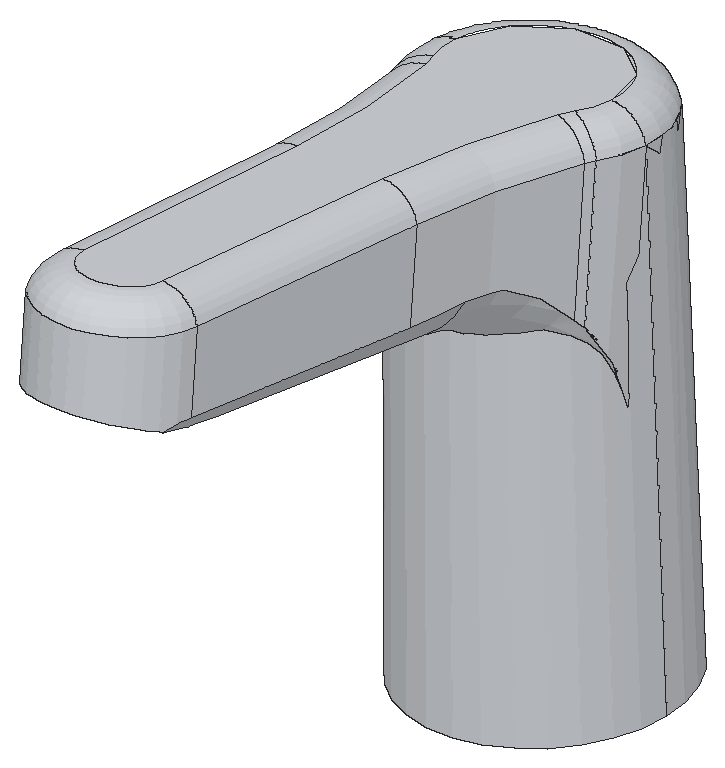
Revit family "Faucet_Touchless-Lavatory-KOHLER-Accliv-K-30276T", category Plumbing Fixtures, host Face, Revit 2021
Family settings
  Host = Face
  Round Connector Dimension = Use Diameter
  Part Type = Normal
  OmniClass Number = 23.31.11.00
  OmniClass Title = Faucets
  Cut with Voids When Loaded = No
  Shared = No
  Room Calculation Point = No
Parameters (values of type "0.5 GPM, CP-Polished Chrome")
  Width = 1.9685"  # constant formula
  WaterSense Certified = 1 = 0  # no
  Waste Water Outlet = "Waste Water Outlet"  # constant formula
  Waste Connection = 1 = 0  # no
  Voltage = 220 V  # constant formula
  Vent Connection = 1 = 0  # no
  URL = "http://www.kohler.com.cn/"
  Type = 1
  Spout Reach = 4.00787"  # constant formula
  Product Page URL = ""
  Product Name = "Accliv"  # constant formula
  Product Documentation Link = ""
  Pressure = 0.00 psi
  Model = if(Type = 1, "K-30276T-CP", if(Type = 2, "K-30276T-S3-CP", if(Type = 3, "K-30276T-S5-CP", "NA")))  # "K-30276T-CP"
  Material = "Premium Metal Construction"  # constant formula
  Master Format 2014 Name = "Residential Faucets, Supplies, and Trim"  # constant formula
  Master Format 2014 = "22 41 39"  # constant formula
  Manufacturer Address = "Kohler Beijing Office (100016) 36-2-03-B, No. 88, Liuxiang Road, Beijing"  # constant formula
  Manufacturer = "Kohler Co."  # constant formula
  Length = Spout Reach  # 4.00787"
  Hot Water Inlet = "Hot Water Inlet"  # constant formula
  Height = 4.68898"  # constant formula
  HW Connection = 1 = 0  # no
  Flow Rate = if(Type = 1, 0.5 GPM, if(Type = 2, 0.35 GPM, 0.26 GPM))  # 0.5 GPM
  Finish = Kohler-Metal-CP-Polished_Chrome
  Environmental Product Declaration = ""
  Electrical Note = "One Dedicated Circuit Required"  # constant formula
  Electrical Connector = 1 = 1  # yes
  Drain Included = 1 = 0  # no
  Description = if(Type = 1, "Sensor Faucet Cold 0.5GPM No Drain", if(Type = 2, "Sensor Faucet Cold 0.35GPM No Drain", "Sensor Faucet Cold 0.26GPM No Drain"))  # "Sensor Faucet Cold 0.5GPM No Drain"
  Default Elevation = 36"
  Declare Label = ""
  Date Modified = "06/06/2023"  # constant formula
  Date Created = "06/06/2023"  # constant formula
  Copyright = "Copyright Kohler Co."  # constant formula
  Contact Us = "http://www.kohler.com.cn/contact/contact-us/"
  Cold Water Inlet = "Cold Water Inlet"  # constant formula
  CW Connection = 1 = 1  # yes
  Assembly Code = "D2010"
  Apparent Load = 0 VA
  ADA Compliant = 1 = 0  # no
Types (4): name | Type | Model | Flow Rate | Description
  (no name) | 1 | "K-30276T-CP" | 0.5 GPM | "Sensor Faucet Cold 0.5GPM No Drain"
  0.5 GPM, CP-Polished Chrome | 1 | "K-30276T-CP" | 0.5 GPM | "Sensor Faucet Cold 0.5GPM No Drain"
  0.35 GPM, CP-Polished Chrome | 2 | "K-30276T-S3-CP" | 0.35 GPM | "Sensor Faucet Cold 0.35GPM No Drain"
  0.26 GPM, CP-Polished Chrome | 3 | "K-30276T-S5-CP" | 0.26 GPM | "Sensor Faucet Cold 0.26GPM No Drain"
Reference planes
  plane 1 "Center (Front/Back)": y = 0
  plane 2: z = 0
  plane 3 "Center (Left/Right)": x = 0
  plane 4: y = 27
  plane 5: y = -27
  plane 6: y = -122.9
  plane 7: z = 93.9
  plane 8: through (0, -125.573, 28.585) normal (0, 0.9397, -0.342)
  plane 9: y = -101.8
  plane 10: through (0, 27, 47.093) normal (0, 0.342, 0.9397)
  plane 11: x = -25
  plane 12: x = 25
  plane 13: y = -10
  plane 14: y = 10
  plane 15: z = 119.1
Dimensions and locks
  "Width": plane 11 to plane 12
  plane 4 to plane 5 = 2.12598"
  "Length": plane 1 "Center (Front/Back)" to plane 9
  plane 4 to plane 6 = 5.90157"
  host face to plane 7 = 3.69685"
  "Height": plane 15 to level
  angle plane 9 to plane 8 = 20.00°
  aligned and locked: plane 2 to host face
  aligned and locked: level to host face
  aligned and locked: plane 3 "Center (Left/Right)" to nested 1
  aligned and locked: plane 1 "Center (Front/Back)" to nested 1
Automatic sketch dimensions
  host sketch curve to host sketch curve = 96"  (x2)
Nested families
  nested 1: "K-30276T" at (0, 0, 0), type "K-30276T"
Connectors
  electrical at (0, -10, 0), driven by "Voltage", driven by "Electrical Connector", driven by "Electrical Note"
    settings: on nested 1, index 1, voltage 220 V, apparent load 0 VA, apparent load phase1 0 VA, apparent load phase2 0 VA, apparent load phase3 0 VA, power factor 1, load classification "Power", number of poles 1, system type 30, power factor state 1, is connector primary yes, connector utility yes, sub classification motor no, connector description "One Dedicated Circuit Required"
  piping at (0, 10, 0), diameter 12.7, driven by "Flow Rate", driven by "Pressure", driven by "CW Connection", driven by "Cold Water Inlet"
    settings: on nested 1, index 2, connector inside diameter 24", connector length 0", flow factor 0, pipe flow 0.5 GPM, pressure drop 0.00 psi, fitting loss kfactor 0, connector angle 0.00°, fixture units 0, engagement length 0", angle of deflection 0.00°, flow configuration 1, flow direction 1, fitting loss method 0, system type 20, joint type 0, gender type 0, connector reference index -1, connector utility 1, adjustable connector no, is connector primary yes, connector description "Cold Water Inlet"
Definition of nested family "K-30276T"
  Parameters
    Material = none
    Default Elevation = 0"
  Reference planes
    plane 1 "Center (Front/Back)": y = 0
    plane 2: z = 0
    plane 3 "Center (Left/Right)": x = 0
    plane 4: x = -25
    plane 5: x = 25
    plane 6: z = 119.1
    plane 7: y = -27
    plane 8: y = 27
    plane 9: y = -101.8
    plane 10: y = -122.9
    plane 11: z = 93.9
    plane 12: through (0, -101.8, 93.9) normal (0, -0.9397, 0.342)
    plane 13 "11": through (0, -122.694, 116.955) normal (0, -0.0959, -0.9954)
    plane 14 "22": through (0, 33.177, 101.94) normal (0, 0.9954, -0.0959)
    plane 15 "ew": through (0, -58.675, 84.682) normal (0, 0.9877, -0.1564)
    plane 16 "wr": through (0, -124.685, 102.302) normal (0, -0.342, -0.9397)
    plane 17: y = 10
    plane 18: y = -10
  Forms (mm)
    Sweep 1, solid, material <- "Material", detail levels medium+fine
      path origin (0, 10.035, 104.169) x (0, -0.995392, 0.095891) y (-1, 0, 0)
        loop
          spline (13.386, 23.263) -> (7.099, 22.525) -> (1.211, 20.32) -> (-3.963, 16.747) -> (-8.063, 11.952) -> (-10.7, 6.204) -> (-11.595, -0.006) -> (-10.697, -6.214) -> (-8.061, -11.956) -> (-3.963, -16.75) -> (1.217, -20.324) -> (7.103, -22.527) -> (13.386, -23.263)
          arc (13.386, -23.263) -> (18.652, -22.774) -> (23.728, -21.29) r 27.611
          arc (23.728, -21.29) -> (24.776, -20.915) -> (25.849, -20.621) r 14.858
          arc (25.849, -20.621) -> (44.397, -17.323) -> (63.194, -16.064) r 172.761
          line (63.194, -16.064) -> (118.85, -15.378)
          arc (118.85, -15.378) -> (134.04, 0) -> (118.85, 15.378) r 15.379
          line (118.85, 15.378) -> (63.194, 16.064)
          arc (63.194, 16.064) -> (44.397, 17.323) -> (25.849, 20.621) r 172.761
          arc (25.849, 20.621) -> (24.776, 20.915) -> (23.728, 21.29) r 14.858
          arc (23.728, 21.29) -> (18.652, 22.774) -> (13.386, 23.263) r 27.611
      profile origin (0.006, 21.576, 103.057) x (-0.000483, -0.995392, 0.09589) y (0, -0.095891, -0.995392)
        loop
          line (10.194, 0) -> (0, 0)
          arc (0, 0) -> (2.767, -4.012) -> (7.389, -5.555) r 7.692
          line (7.389, -5.555) -> (10.194, -5.555) -> (10.194, 0)
    Blend 2, solid, material <- "Material", detail levels medium+fine
      base sketch origin (0, 0, 0) x (1, 0, 0) y (0, 1, 0)
        loop
          spline (-25, 0) -> (-24.148, -6.988) -> (-21.651, -13.5) -> (-17.678, -19.092) -> (-12.5, -23.383) -> (-6.47, -26.08) -> (0, -27) -> (6.47, -26.08) -> (12.5, -23.383) -> (17.678, -19.092) -> (21.651, -13.5) -> (24.148, -6.988) -> (25, 0)
          spline (25, 0) -> (24.148, 6.988) -> (21.651, 13.5) -> (17.678, 19.092) -> (12.5, 23.383) -> (6.47, 26.08) -> (0, 27) -> (-6.47, 26.08) -> (-12.5, 23.383) -> (-17.678, 19.092) -> (-21.651, 13.5) -> (-24.148, 6.988) -> (-25, 0)
      top sketch origin (0, 0, 0) x (1, 0, 0) y (0, 1, 0)
        loop
          spline (-22.579, -4.585) -> (-21.809, -10.764) -> (-19.554, -16.521) -> (-15.966, -21.465) -> (-11.289, -25.258) -> (-5.844, -27.643) -> (0, -28.457) -> (5.844, -27.643) -> (11.289, -25.258) -> (15.966, -21.465) -> (19.554, -16.521) -> (21.809, -10.764) -> (22.579, -4.585)
          spline (22.579, -4.585) -> (21.809, 1.593) -> (19.554, 7.35) -> (15.966, 12.294) -> (11.289, 16.087) -> (5.844, 18.472) -> (0, 19.286) -> (-5.844, 18.472) -> (-11.289, 16.087) -> (-15.966, 12.294) -> (-19.554, 7.35) -> (-21.809, 1.593) -> (-22.579, -4.585)
      from 0 to 146.997
    Extrusion 3, void
      sketch origin (0, 0, 0) x (0, 1, 0) y (0, 0, 1)
        loop
          line (27, 153.334) -> (-130.058, 153.334) -> (-130.058, 117.665) -> (27, 102.535) -> (27, 153.334)
      from -32.211 to 31.193
    Extrusion 4, solid, material <- "Material", detail levels medium+fine
      sketch origin (0, 10.035, 104.169) x (0, -0.995392, 0.095891) y (-1, 0, 0)
        loop
          spline (13.416, 13.069) -> (9.491, 12.616) -> (5.892, 11.264) -> (2.868, 9.18) -> (0.53, 6.467) -> (-0.94, 3.259) -> (-1.401, -0.001) -> (-0.939, -3.266) -> (0.529, -6.468) -> (2.871, -9.186) -> (5.901, -11.267) -> (9.491, -12.617) -> (13.42, -13.069)
          arc (13.42, -13.069) -> (16.741, -12.76) -> (19.943, -11.824) r 17.417
          arc (19.943, -11.824) -> (21.71, -11.193) -> (23.52, -10.696) r 25.052
          arc (23.52, -10.696) -> (43.163, -7.203) -> (63.069, -5.87) r 182.956
          line (63.069, -5.87) -> (118.725, -5.184)
          arc (118.725, -5.184) -> (123.846, 0) -> (118.725, 5.184) r 5.185
          line (118.725, 5.184) -> (63.069, 5.87)
          arc (63.069, 5.87) -> (43.163, 7.203) -> (23.52, 10.696) r 182.956
          arc (23.52, 10.696) -> (21.71, 11.193) -> (19.943, 11.824) r 25.052
          arc (19.943, 11.824) -> (16.739, 12.761) -> (13.416, 13.069) r 17.417
      from 0 to -5.555
    Extrusion 5, solid, material <- "Material", detail levels medium+fine
      sketch origin (0, 10.035, 104.169) x (0, -0.995392, 0.095891) y (-1, 0, 0)
        loop
          arc (63.194, 16.064) -> (44.397, 17.323) -> (25.849, 20.621) r 172.761
          arc (25.849, 20.621) -> (24.776, 20.915) -> (23.728, 21.29) r 14.858
          arc (23.728, 21.29) -> (18.652, 22.774) -> (13.386, 23.263) r 27.611
          spline (13.386, 23.263) -> (7.099, 22.525) -> (1.211, 20.32) -> (-3.963, 16.747) -> (-8.063, 11.952) -> (-10.7, 6.204) -> (-11.595, -0.006) -> (-10.697, -6.214) -> (-8.061, -11.956) -> (-3.963, -16.75) -> (1.217, -20.324) -> (7.103, -22.527) -> (13.386, -23.263)
          arc (13.386, -23.263) -> (18.652, -22.774) -> (23.728, -21.29) r 27.611
          arc (23.728, -21.29) -> (24.776, -20.915) -> (25.849, -20.621) r 14.858
          arc (25.849, -20.621) -> (44.397, -17.323) -> (63.194, -16.064) r 172.761
          line (63.194, -16.064) -> (118.85, -15.378)
          arc (118.85, -15.378) -> (134.04, 0) -> (118.85, 15.378) r 15.379
          line (118.85, 15.378) -> (63.194, 16.064)
      from 0 to 47.45
    Sweep 6, void
      path origin (0, -70.323, 11.138) x (0, -0.156434, -0.987688) y (-1, 0, 0)
        loop
          arc (-91.092, 18.5) -> (-72.592, 0) -> (-91.092, -18.5) r 18.5
      profile origin (0, -58.967, 82.837) x (0, -0.156434, -0.987688) y (0, 0.987688, -0.156434)
        loop
          line (-0.206, 16.035) -> (-0.206, -80.177) -> (32.497, -74.997) -> (24.527, 55.406)
          arc (24.527, 55.406) -> (6.49, 39.283) -> (-0.206, 16.035) r 43.703
    Extrusion 7, void
      sketch origin (0, 0, 0) x (0, 1, 0) y (0, 0, 1)
        loop
          line (-78.139, 85.361) -> (-128.331, 103.629) -> (-128.331, 89.473) -> (-79.197, 79.922) -> (-78.139, 85.361)
      from -26.186 to 22.722
    Extrusion 8, solid
      sketch origin (0, 18.294, 50.262) x (0, -0.939693, 0.34202) y (-1, 0, 0)
        loop
          arc (136.291, 9.746) -> (133.8, 8.264) -> (134.112, 5.383) r 2.681
          arc (134.112, 5.383) -> (136.013, 0) -> (134.112, -5.383) r 8.575
          arc (134.112, -5.383) -> (133.8, -8.264) -> (136.291, -9.746) r 2.681
          arc (136.291, -9.746) -> (139.999, -8.89) -> (143.113, -6.701) r 9.927
          arc (143.113, -6.701) -> (145.81, 0) -> (143.113, 6.701) r 9.675
          arc (143.113, 6.701) -> (139.999, 8.89) -> (136.291, 9.746) r 9.927
      from -2.091 to 0
    Extrusion 9, void
      sketch origin (0, 18.294, 50.262) x (0, -0.939693, 0.34202) y (-1, 0, 0)
        loop
          arc (143.329, 6.909) -> (140.121, 9.164) -> (136.301, 10.046) r 10.227
          arc (136.301, 10.046) -> (133.532, 8.398) -> (133.879, 5.195) r 2.981
          arc (133.879, 5.195) -> (135.713, 0) -> (133.879, -5.195) r 8.275
          arc (133.879, -5.195) -> (133.532, -8.398) -> (136.301, -10.046) r 2.981
          arc (136.301, -10.046) -> (140.121, -9.164) -> (143.329, -6.909) r 10.227
          arc (143.329, -6.909) -> (146.11, 0) -> (143.329, 6.909) r 9.975
      from -2.091 to 1.488
    Extrusion 10, solid
      sketch origin (0, 189.692, -12.122) x (0, -0.939693, 0.34202) y (-1, 0, 0)
        loop
          arc (300.643, -4.407) -> (308.588, -9.77) -> (317.917, -11.976) r 26.667
          arc (317.917, -11.976) -> (330.528, 0) -> (317.917, 11.976) r 11.992
          arc (317.917, 11.976) -> (308.588, 9.77) -> (300.643, 4.407) r 26.667
          arc (300.643, 4.407) -> (298.789, 0) -> (300.643, -4.407) r 6.165
      from -2.933 to 0
    Extrusion 11, void
      sketch origin (0, 189.692, -12.122) x (0, -0.939693, 0.34202) y (-1, 0, 0)
        loop
          arc (300.433, 4.621) -> (298.489, 0) -> (300.433, -4.621) r 6.465
          arc (300.433, -4.621) -> (308.468, -10.044) -> (317.902, -12.276) r 26.967
          arc (317.902, -12.276) -> (330.828, 0) -> (317.902, 12.276) r 12.292
          arc (317.902, 12.276) -> (308.468, 10.044) -> (300.433, 4.621) r 26.967
      from -2.933 to 1.556
    Revolve 12, void
      sketch origin (0, 0, 0) x (0, 1, 0) y (0, 0, 1)
        loop
          line (-94.478, 92.844) -> (-95.33, 94.74) -> (-100.773, 96.721) -> (-101.838, 93.795) -> (-94.459, 91.109) -> (-94.838, 91.853) -> (-94.478, 92.844)
        axis (-100.773, 96.721) -> (-101.838, 93.795)
      angle from 0 to 360
    Revolve 13, solid, detail levels medium+fine
      sketch origin (0, 0, 0) x (0, 1, 0) y (0, 0, 1)
        loop
          line (-94.745, 92.941) -> (-95.339, 94.743) -> (-96.342, 91.986) -> (-95.238, 91.585) -> (-94.745, 92.941)
        axis (-100.773, 96.721) -> (-101.777, 93.964)
      angle from 0 to 360
    Revolve 14, solid
      sketch origin (0, 0, 0) x (0, 1, 0) y (0, 0, 1)
        loop
          line (-95.731, 94.886) -> (-100.773, 96.721) -> (-101.213, 95.512) -> (-96.912, 93.946) -> (-97.181, 93.207) -> (-96.441, 92.937) -> (-95.731, 94.886)
        axis (-100.773, 96.721) -> (-101.483, 94.772)
      angle from 0 to 360
    Extrusion 15, void
      sketch origin (0, 18.294, 50.262) x (0, -0.939693, 0.34202) y (-1, 0, 0)
        loop
          line (134.648, -1.093) -> (130.112, -1.093) -> (133.278, -4.259)
          arc (133.278, -4.259) -> (134.162, -2.762) -> (134.648, -1.093) r 6.958
        loop
          line (131.863, -5.631) -> (128.656, -2.424) -> (128.656, -6.902)
          arc (128.656, -6.902) -> (130.339, -6.469) -> (131.863, -5.631) r 6.958
        loop
          arc (120.905, -1.093) -> (121.39, -2.762) -> (122.274, -4.259) r 6.958
          line (122.274, -4.259) -> (125.44, -1.093) -> (120.905, -1.093)
        loop
          arc (123.69, -5.631) -> (125.214, -6.469) -> (126.897, -6.902) r 6.958
          line (126.897, -6.902) -> (126.897, -2.424) -> (123.69, -5.631)
        loop
          arc (134.648, 1.093) -> (134.162, 2.762) -> (133.278, 4.259) r 6.958
          line (133.278, 4.259) -> (130.112, 1.093) -> (134.648, 1.093)
        loop
          arc (131.863, 5.631) -> (130.339, 6.469) -> (128.656, 6.902) r 6.958
          line (128.656, 6.902) -> (128.656, 2.424) -> (131.863, 5.631)
        loop
          line (120.905, 1.093) -> (125.44, 1.093) -> (122.274, 4.259)
          arc (122.274, 4.259) -> (121.39, 2.762) -> (120.905, 1.093) r 6.958
        loop
          line (123.69, 5.631) -> (126.897, 2.424) -> (126.897, 6.902)
          arc (126.897, 6.902) -> (125.214, 6.469) -> (123.69, 5.631) r 6.958
      from 0.509 to -2.933
    Blend 16, solid, material <- "Material", detail levels coarse
      base sketch origin (0, 0, 0) x (1, 0, 0) y (0, 1, 0)
        loop
          spline (0, -27) -> (6.47, -26.08) -> (12.5, -23.383) -> (17.678, -19.092) -> (21.651, -13.5) -> (24.148, -6.988) -> (25, 0) -> (24.148, 6.988) -> (21.651, 13.5) -> (17.678, 19.092) -> (12.5, 23.383) -> (6.47, 26.08) -> (0, 27)
          spline (0, 27) -> (-6.47, 26.08) -> (-12.5, 23.383) -> (-17.678, 19.092) -> (-21.651, 13.5) -> (-24.148, 6.988) -> (-25, 0) -> (-24.148, -6.988) -> (-21.651, -13.5) -> (-17.678, -19.092) -> (-12.5, -23.383) -> (-6.47, -26.08) -> (0, -27)
      top sketch origin (0, 0, 0) x (1, 0, 0) y (0, 1, 0)
        loop
          spline (0, -28.374) -> (5.803, -27.522) -> (11.21, -25.025) -> (15.854, -21.052) -> (19.417, -15.874) -> (21.657, -9.845) -> (22.421, -3.374) -> (21.657, 3.096) -> (19.417, 9.126) -> (15.854, 14.303) -> (11.21, 18.276) -> (5.803, 20.774) -> (0, 21.626)
          spline (0, 21.626) -> (-5.803, 20.774) -> (-11.21, 18.276) -> (-15.854, 14.303) -> (-19.417, 9.126) -> (-21.657, 3.096) -> (-22.421, -3.374) -> (-21.657, -9.845) -> (-19.417, -15.874) -> (-15.854, -21.052) -> (-11.21, -25.025) -> (-5.803, -27.522) -> (0, -28.374)
      from 0 to 114.276
    Extrusion 17, solid, material <- "Material", detail levels coarse
      sketch origin (0, 10.035, 104.169) x (0, -0.995392, 0.095891) y (-1, 0, 0)
        loop
          arc (118.847, -16.106) -> (134.952, 0) -> (118.847, 16.106) r 16.106
          line (118.847, 16.106) -> (59.31, 16.106)
          arc (59.31, 16.106) -> (37.077, 17.221) -> (15.066, 20.557) r 222.116
          line (15.066, 20.557) -> (15.066, -20.557)
          arc (15.066, -20.557) -> (37.077, -17.221) -> (59.31, -16.106) r 222.116
          line (59.31, -16.106) -> (118.847, -16.106)
      from -7.843 to 26.621
    Extrusion 18, solid, detail levels coarse
      sketch origin (0, 18.294, 50.262) x (0, -0.939693, 0.34202) y (-1, 0, 0)
        loop
          circle (127.776, 0) r 6.958
        loop
          circle (127.776, 0) r 5.783
      from 0 to -2.933
    Extrusion 19, void
      sketch origin (0, 0, 0) x (0, 1, 0) y (0, 0, 1)
        loop
          line (-130.058, 122.781) -> (27, 107.651) -> (27, 153.334) -> (-130.058, 153.334) -> (-130.058, 122.781)
      from -31.6 to 51.691
    Extrusion 20, solid, material <- "Material", detail levels medium+fine
      sketch origin (0, 0, 0) x (1, 0, 0) y (0, 1, 0)
        loop
          circle (0, 10) r 2
        loop
          circle (0, -10) r 2
      from 0 to 3
  Cuts and joins
    Extrusion 3 cuts Blend 2
    Sweep 6, Extrusion 7, Extrusion 11 cuts Extrusion 5
    joined: Sweep 1, Extrusion 4, Extrusion 5
    Extrusion 9, Revolve 12 cuts Extrusion 10
    Extrusion 15 cuts Revolve 13
    Extrusion 7, Extrusion 11, Extrusion 19 cuts Blend 16
    Extrusion 7, Extrusion 11, Extrusion 19 cuts Extrusion 17
    joined: Blend 16, Extrusion 17
  Lines and regions (mm)
    Masking region 1
      outline origin (0, 0, 0) x (0, 1, 0) y (0, 0, 1)
        loop
          line (27, 0) -> (21.582, 103.38)
          arc (21.582, 103.38) -> (20.583, 105.821) -> (18.281, 107.11) r 4
          arc (18.281, 107.11) -> (10.547, 108.297) -> (2.768, 109.145) r 178.691
          line (2.768, 109.145) -> (-111.8, 119.1) -> (-119.912, 119.1)
          arc (-119.912, 119.1) -> (-121.55, 118.489) -> (-122.388, 116.955) r 2.503
          arc (-122.388, 116.955) -> (-122.898, 109.385) -> (-122.25, 101.825) r 49.755
          arc (-122.25, 101.825) -> (-122.087, 101.467) -> (-121.765, 101.24) r 0.752
          line (-121.765, 101.24) -> (-90.622, 89.904) -> (-49, 83.192)
          arc (-49, 83.192) -> (-34.084, 74.879) -> (-27.984, 58.928) r 25
          line (-27.984, 58.928) -> (-27, 0) -> (27, 0)
    Masking region 2
      outline origin (0, 0, 0) x (1, 0, 0) y (0, 0, 1)
        loop
          line (-25, 0) -> (25, 0) -> (22.663, 100.917)
          arc (22.663, 100.917) -> (21.965, 103.721) -> (20.133, 105.956) r 6.588
          line (20.133, 105.956) -> (16.116, 109.094)
          arc (16.116, 109.094) -> (15.915, 109.821) -> (15.774, 110.562) r 9.12
          line (15.774, 110.562) -> (15.252, 114.105)
          arc (15.252, 114.105) -> (14.598, 115.798) -> (13.277, 117.044) r 4.109
          arc (13.277, 117.044) -> (11.536, 117.863) -> (9.671, 118.341) r 10.226
          arc (9.671, 118.341) -> (0, 119.1) -> (-9.671, 118.341) r 61.979
          arc (-9.671, 118.341) -> (-11.536, 117.863) -> (-13.277, 117.044) r 10.226
          arc (-13.277, 117.044) -> (-14.598, 115.798) -> (-15.252, 114.105) r 4.109
          line (-15.252, 114.105) -> (-15.774, 110.562)
          arc (-15.774, 110.562) -> (-15.915, 109.821) -> (-16.116, 109.094) r 9.12
          line (-16.116, 109.094) -> (-20.133, 105.956)
          arc (-20.133, 105.956) -> (-21.965, 103.721) -> (-22.663, 100.917) r 6.588
          line (-22.663, 100.917) -> (-25, 0)
    Masking region 3
      outline origin (0, 0, 0) x (1, 0, 0) y (0, 1, 0)
        loop
          line (-16.084, -53.136) -> (-15.282, -107.84)
          arc (-15.282, -107.84) -> (0, -122.9) -> (15.282, -107.84) r 15.284
          line (15.282, -107.84) -> (16.084, -53.136)
          arc (16.084, -53.136) -> (16.732, -40.029) -> (18.291, -26.999) r 188.627
          arc (18.291, -26.999) -> (19.435, -20.832) -> (20.944, -14.743) r 105.632
          spline (20.944, -14.743) -> (24.4, -5.881) -> (24.761, 3.728) -> (21.98, 12.863) -> (16.412, 20.367) -> (8.762, 25.287) -> (0, 27) -> (-8.762, 25.287) -> (-16.412, 20.367) -> (-21.98, 12.863) -> (-24.761, 3.728) -> (-24.4, -5.881) -> (-20.944, -14.743)
          arc (-20.944, -14.743) -> (-19.435, -20.832) -> (-18.291, -26.999) r 105.632
          arc (-18.291, -26.999) -> (-16.732, -40.029) -> (-16.084, -53.136) r 188.627
    symbolic lines, detail levels medium+fine
      curve 1: line (0, -29.093, 109.488) -> (0, -106.217, 116.918)
      curve 2: arc (0, -106.217, 116.918) -> (0, -113.098, 117.797) -> (0, -119.912, 119.1) r 111.951
      curve 3: arc (0, -12.419, 106.913) -> (0, -20.719, 108.439) -> (0, -29.093, 109.488) r 147.507
      curve 4: arc (0, 2.291, 105.315) -> (0, -5.105, 105.737) -> (0, -12.419, 106.913) r 72.438
      curve 5: arc (0, 18.281, 107.11) -> (0, 10.339, 105.742) -> (0, 2.291, 105.315) r 68.55
      curve 6: arc (0, -17.737, 105.916) -> (0, -23.495, 106.822) -> (0, -29.285, 107.497) r 145.507
      curve 7: line (0, -29.285, 107.497) -> (0, -106.691, 115.414)
      curve 8: arc (0, -106.691, 115.414) -> (0, -114.419, 116.419) -> (0, -122.081, 117.846) r 142.19
      curve 9: arc (0, -4.964, 102.783) -> (0, -11.3, 104.555) -> (0, -17.737, 105.916) r 102.228
      curve 10: arc (0, 21.582, 103.38) -> (0, 8.358, 100.889) -> (0, -4.964, 102.783) r 41.287
      curve 11: line (0, -7.862, 103.648) -> (0, -9.498, 86.67)
      curve 12: arc (0, -7.029, 105.972) -> (0, -7.59, 104.862) -> (0, -7.862, 103.648) r 5.024
      curve 13: arc (0, -9.498, 86.67) -> (0, -15.26, 70.479) -> (0, -27.984, 58.928) r 35.3
      curve 14: arc (-13.854, 0, 116.632) -> (0, 0, 118.489) -> (13.854, 0, 116.632) r 52.611
      curve 15: arc (-15.413, 0, 113.015) -> (-15.216, 0, 104.973) -> (-14.129, 0, 97.002) r 72.54
      curve 16: arc (-14.129, 0, 97.002) -> (-13.787, 0, 95.922) -> (-13.206, 0, 94.95) r 4.897
      curve 17: arc (-13.206, 0, 94.95) -> (-11.238, 0, 93.007) -> (-8.818, 0, 91.67) r 10.112
      curve 18: arc (-8.613, 0, 100.757) -> (0, 0, 101.76) -> (8.613, 0, 100.757) r 37.5
      curve 19: arc (-12.112, 0, 99.398) -> (-10.41, 0, 100.199) -> (-8.613, 0, 100.757) r 13.575
      curve 20: arc (-13.596, 0, 97.899) -> (-12.96, 0, 98.754) -> (-12.112, 0, 99.398) r 3.796
      curve 21: arc (-13.787, 0, 95.922) -> (-13.893, 0, 96.93) -> (-13.596, 0, 97.899) r 2.537
      curve 22: arc (-12.058, 0, 95.125) -> (-10.413, 0, 93.644) -> (-8.459, 0, 92.604) r 9.112
      curve 23: arc (-11.834, 0, 98.35) -> (-12.614, 0, 96.784) -> (-12.058, 0, 95.125) r 2.286
      curve 24: arc (-8.434, 0, 100) -> (-10.244, 0, 99.401) -> (-11.834, 0, 98.35) r 7.229
      curve 25: arc (-5.519, 0, 99.736) -> (0, 0, 100.304) -> (5.519, 0, 99.736) r 27.083
      curve 26: arc (-8.534, 0, 98.674) -> (-7.062, 0, 99.306) -> (-5.519, 0, 99.736) r 12.015
      curve 27: arc (-9.921, 0, 97.466) -> (-9.302, 0, 98.155) -> (-8.534, 0, 98.674) r 3.801
      curve 28: arc (-4.963, 0, 96.226) -> (0, 0, 96.82) -> (4.963, 0, 96.226) r 21.002
      curve 29: arc (-6.385, 0, 95.971) -> (-5.67, 0, 96.076) -> (-4.963, 0, 96.226) r 11.818
      curve 30: arc (-8.294, 0, 96.047) -> (-7.343, 0, 95.934) -> (-6.385, 0, 95.971) r 6.139
      curve 31: arc (-9.546, 0, 96.398) -> (-8.927, 0, 96.198) -> (-8.294, 0, 96.047) r 8.496
      curve 32: arc (-9.921, 0, 97.466) -> (-9.986, 0, 96.843) -> (-9.546, 0, 96.398) r 0.732
      curve 33: arc (5.478, 0, 99.54) -> (0, 0, 100.104) -> (-5.478, 0, 99.54) r 26.883
      curve 34: arc (-5.478, 0, 99.54) -> (-6.995, 0, 99.117) -> (-8.443, 0, 98.496) r 11.815
      curve 35: arc (-8.443, 0, 98.496) -> (-9.139, 0, 98.004) -> (-9.668, 0, 97.336) r 2.987
      curve 36: arc (-9.668, 0, 97.336) -> (-9.766, 0, 96.846) -> (-9.546, 0, 96.398) r 0.776
      curve 37: line (-9.773, 0, 96.946) -> (-9.773, 0, 97.664)
      curve 38: spline (7.328, 0, 93.87) -> (7.079, 0, 94.521) -> (6.347, 0, 95.127) -> (5.182, 0, 95.647) -> (3.664, 0, 96.047) -> (1.897, 0, 96.298) -> (0, 0, 96.384) -> (-1.897, 0, 96.298) -> (-3.664, 0, 96.047) -> (-5.182, 0, 95.647) -> (-6.347, 0, 95.127) -> (-7.079, 0, 94.521) -> (-7.328, 0, 93.87) -> (-7.079, 0, 93.219) -> (-6.347, 0, 92.613) -> (-5.182, 0, 92.092) -> (-3.664, 0, 91.693) -> (-1.897, 0, 91.442) -> (0, 0, 91.356) -> (1.897, 0, 91.442) -> (3.664, 0, 91.693) -> (5.182, 0, 92.092) -> (6.347, 0, 92.613) -> (7.079, 0, 93.219) -> (7.328, 0, 93.87)
      curve 39: spline (-6.934, 0, 94.684) -> (-7.002, 0, 94.505) -> (-7.034, 0, 94.325) -> (-7.03, 0, 94.144) -> (-6.99, 0, 93.965) -> (-6.913, 0, 93.786) -> (-6.802, 0, 93.61) -> (-6.655, 0, 93.438) -> (-6.473, 0, 93.269) -> (-6.259, 0, 93.106) -> (-6.012, 0, 92.948) -> (-5.734, 0, 92.798) -> (-5.426, 0, 92.654)
      curve 40: line (-6.714, 0, 94.877) -> (-6.714, 0, 93.598)
      curve 41: line (-6.714, 0, 93.598) -> (-5.523, 0, 93.598)
      curve 42: line (-5.523, 0, 93.598) -> (-5.523, 0, 95.522)
      curve 43: line (-6.714, 0, 94.375) -> (-5.523, 0, 94.375)
      curve 44: line (-4.608, 0, 93.9) -> (-4.608, 0, 92.928)
      curve 45: line (-3.188, 0, 92.417) -> (-3.188, 0, 93.325)
      curve 46: line (-4.608, 0, 92.928) -> (-3.188, 0, 92.417)
      curve 47: line (-3.959, 0, 92.043) -> (-3.188, 0, 92.417)
      curve 48: line (-3.959, 0, 92.043) -> (-5.426, 0, 92.548)
      curve 49: line (-5.426, 0, 92.548) -> (-4.608, 0, 92.928)
      curve 50: line (-5.426, 0, 92.548) -> (-5.426, 0, 93.478)
      curve 51: line (-5.426, 0, 93.478) -> (-4.608, 0, 93.9)
      curve 52: line (-4.608, 0, 93.9) -> (-5.523, 0, 94.547)
      curve 53: spline (-3.774, 0, 92.133) -> (-3.57, 0, 92.089) -> (-3.363, 0, 92.047) -> (-3.151, 0, 92.007) -> (-2.937, 0, 91.97) -> (-2.718, 0, 91.936) -> (-2.497, 0, 91.905) -> (-2.273, 0, 91.876) -> (-2.046, 0, 91.85) -> (-1.816, 0, 91.826) -> (-1.585, 0, 91.806) -> (-1.352, 0, 91.788) -> (-1.117, 0, 91.773)
      curve 54: line (-1.117, 0, 92.997) -> (-1.117, 0, 91.616)
      curve 55: line (-1.117, 0, 91.616) -> (1.117, 0, 91.616)
      curve 56: line (-3.188, 0, 92.761) -> (-1.117, 0, 92.543)
      curve 57: line (-3.188, 0, 93.325) -> (-1.117, 0, 92.997)
      curve 58: line (-1.117, 0, 92.045) -> (1.117, 0, 92.045)
      curve 59: line (-5.443, 0, 95.253) -> (-5.443, 0, 95.553)
      curve 60: line (-5.443, 0, 95.253) -> (-3.873, 0, 95.825)
      curve 61: line (-3.873, 0, 95.825) -> (-3.873, 0, 96.004)
      curve 62: line (-3.136, 0, 95.495) -> (-3.136, 0, 96.142)
      curve 63: line (-3.136, 0, 95.495) -> (-3.873, 0, 95.825)
      curve 64: line (-3.136, 0, 95.495) -> (-4.603, 0, 94.962)
      curve 65: line (-4.603, 0, 94.962) -> (-5.443, 0, 95.253)
      curve 66: line (-1.092, 0, 95.785) -> (-1.092, 0, 96.356)
      curve 67: line (-1.092, 0, 95.785) -> (1.092, 0, 95.785)
      curve 68: spline (5.063, 0, 95.121) -> (5.054, 0, 94.61) -> (4.638, 0, 94.119) -> (3.85, 0, 93.69) -> (2.752, 0, 93.356) -> (1.434, 0, 93.144) -> (0, 0, 93.072) -> (-1.434, 0, 93.144) -> (-2.752, 0, 93.356) -> (-3.85, 0, 93.69) -> (-4.638, 0, 94.119) -> (-5.054, 0, 94.61) -> (-5.063, 0, 95.121)
      curve 69: spline (-3.136, 0, 95.875) -> (-2.992, 0, 95.919) -> (-2.841, 0, 95.961) -> (-2.685, 0, 96.001) -> (-2.524, 0, 96.038) -> (-2.359, 0, 96.074) -> (-2.189, 0, 96.106) -> (-2.014, 0, 96.137) -> (-1.836, 0, 96.164) -> (-1.654, 0, 96.19) -> (-1.47, 0, 96.212) -> (-1.282, 0, 96.232) -> (-1.092, 0, 96.249)
      curve 70: arc (15.413, 0, 113.015) -> (15.216, 0, 104.973) -> (14.129, 0, 97.002) r 72.54
      curve 71: arc (14.129, 0, 97.002) -> (13.787, 0, 95.922) -> (13.206, 0, 94.95) r 4.897
      curve 72: arc (13.206, 0, 94.95) -> (11.238, 0, 93.007) -> (8.818, 0, 91.67) r 10.112
      curve 73: arc (12.112, 0, 99.398) -> (10.41, 0, 100.199) -> (8.613, 0, 100.757) r 13.575
      curve 74: arc (13.596, 0, 97.899) -> (12.96, 0, 98.754) -> (12.112, 0, 99.398) r 3.796
      curve 75: arc (13.787, 0, 95.922) -> (13.893, 0, 96.93) -> (13.596, 0, 97.899) r 2.537
      curve 76: arc (12.058, 0, 95.125) -> (10.413, 0, 93.644) -> (8.459, 0, 92.604) r 9.112
      curve 77: arc (11.834, 0, 98.35) -> (12.614, 0, 96.784) -> (12.058, 0, 95.125) r 2.286
      curve 78: arc (8.434, 0, 100) -> (10.244, 0, 99.401) -> (11.834, 0, 98.35) r 7.229
      curve 79: arc (8.534, 0, 98.674) -> (7.062, 0, 99.306) -> (5.519, 0, 99.736) r 12.015
      curve 80: arc (9.921, 0, 97.466) -> (9.302, 0, 98.155) -> (8.534, 0, 98.674) r 3.801
      curve 81: arc (6.385, 0, 95.971) -> (5.67, 0, 96.076) -> (4.963, 0, 96.226) r 11.818
      curve 82: arc (8.294, 0, 96.047) -> (7.343, 0, 95.934) -> (6.385, 0, 95.971) r 6.139
      curve 83: arc (9.546, 0, 96.398) -> (8.927, 0, 96.198) -> (8.294, 0, 96.047) r 8.496
      curve 84: arc (9.921, 0, 97.466) -> (9.986, 0, 96.843) -> (9.546, 0, 96.398) r 0.732
      curve 85: arc (5.478, 0, 99.54) -> (6.995, 0, 99.117) -> (8.443, 0, 98.496) r 11.815
      curve 86: arc (8.443, 0, 98.496) -> (9.139, 0, 98.004) -> (9.668, 0, 97.336) r 2.987
      curve 87: arc (9.668, 0, 97.336) -> (9.766, 0, 96.846) -> (9.546, 0, 96.398) r 0.776
      curve 88: spline (6.934, 0, 94.684) -> (7.002, 0, 94.505) -> (7.034, 0, 94.325) -> (7.03, 0, 94.144) -> (6.99, 0, 93.965) -> (6.913, 0, 93.786) -> (6.802, 0, 93.61) -> (6.655, 0, 93.438) -> (6.473, 0, 93.269) -> (6.259, 0, 93.106) -> (6.012, 0, 92.948) -> (5.734, 0, 92.798) -> (5.426, 0, 92.654)
      curve 89: line (6.714, 0, 94.877) -> (6.714, 0, 93.598)
      curve 90: line (6.714, 0, 93.598) -> (5.523, 0, 93.598)
      curve 91: line (5.523, 0, 93.598) -> (5.523, 0, 95.522)
      curve 92: line (6.714, 0, 94.375) -> (5.523, 0, 94.375)
      curve 93: line (4.608, 0, 93.9) -> (4.608, 0, 92.928)
      curve 94: line (3.188, 0, 92.417) -> (3.188, 0, 93.325)
      curve 95: line (4.608, 0, 92.928) -> (3.188, 0, 92.417)
      curve 96: line (3.959, 0, 92.043) -> (3.188, 0, 92.417)
      curve 97: line (3.959, 0, 92.043) -> (5.426, 0, 92.548)
      curve 98: line (5.426, 0, 92.548) -> (4.608, 0, 92.928)
      curve 99: line (5.426, 0, 92.548) -> (5.426, 0, 93.478)
      curve 100: line (5.426, 0, 93.478) -> (4.608, 0, 93.9)
      curve 101: line (4.608, 0, 93.9) -> (5.523, 0, 94.547)
      curve 102: line (1.117, 0, 92.997) -> (1.117, 0, 91.616)
      curve 103: line (3.188, 0, 92.761) -> (1.117, 0, 92.543)
      curve 104: line (3.188, 0, 93.325) -> (1.117, 0, 92.997)
      curve 105: line (5.443, 0, 95.253) -> (5.443, 0, 95.553)
      curve 106: line (5.443, 0, 95.253) -> (3.873, 0, 95.825)
      curve 107: line (3.873, 0, 95.825) -> (3.873, 0, 96.004)
      curve 108: line (3.136, 0, 95.495) -> (3.136, 0, 95.875)
      curve 109: line (3.136, 0, 95.495) -> (3.873, 0, 95.825)
      curve 110: line (3.136, 0, 95.495) -> (4.603, 0, 94.962)
      curve 111: line (4.603, 0, 94.962) -> (5.443, 0, 95.253)
      curve 112: line (1.092, 0, 95.785) -> (1.092, 0, 96.356)
      curve 113: arc (-8.434, 0, 100) -> (0, 0, 101.158) -> (8.434, 0, 100) r 31.288
      curve 114: arc (-8.459, 0, 92.604) -> (0, 0, 90.506) -> (8.459, 0, 92.604) r 18.105
      curve 115: arc (-8.818, 0, 91.67) -> (0, 0, 89.839) -> (8.818, 0, 91.67) r 22.15
      curve 116: spline (4.474, 0, 95.008) -> (4.472, 0, 94.584) -> (4.108, 0, 94.176) -> (3.412, 0, 93.819) -> (2.44, 0, 93.541) -> (1.272, 0, 93.365) -> (0, 0, 93.304) -> (-1.272, 0, 93.365) -> (-2.44, 0, 93.541) -> (-3.412, 0, 93.819) -> (-4.108, 0, 94.176) -> (-4.472, 0, 94.584) -> (-4.474, 0, 95.008)
      curve 117: spline (3.136, 0, 95.875) -> (2.992, 0, 95.919) -> (2.841, 0, 95.961) -> (2.685, 0, 96.001) -> (2.524, 0, 96.038) -> (2.359, 0, 96.074) -> (2.189, 0, 96.106) -> (2.014, 0, 96.137) -> (1.836, 0, 96.164) -> (1.654, 0, 96.19) -> (1.47, 0, 96.212) -> (1.282, 0, 96.232) -> (1.092, 0, 96.249)
      curve 118: spline (1.117, 0, 91.773) -> (1.352, 0, 91.788) -> (1.585, 0, 91.806) -> (1.816, 0, 91.826) -> (2.046, 0, 91.85) -> (2.273, 0, 91.876) -> (2.497, 0, 91.905) -> (2.718, 0, 91.936) -> (2.937, 0, 91.97) -> (3.151, 0, 92.007) -> (3.363, 0, 92.047) -> (3.57, 0, 92.089) -> (3.774, 0, 92.133)
      curve 119: spline (4.477, 0, 95.007) -> (4.205, 0, 94.662) -> (3.694, 0, 94.348) -> (2.972, 0, 94.083) -> (2.081, 0, 93.882) -> (1.071, 0, 93.757) -> (0, 0, 93.714) -> (-1.071, 0, 93.757) -> (-2.081, 0, 93.882) -> (-2.972, 0, 94.083) -> (-3.694, 0, 94.348) -> (-4.205, 0, 94.662) -> (-4.477, 0, 95.007)
      curve 120: line (-4.263, 0, 95.085) -> (-3.404, 0, 94.226)
      curve 121: line (-3.87, 0, 95.229) -> (-2.636, 0, 93.995)
      curve 122: line (-3.476, 0, 95.372) -> (-1.967, 0, 93.863)
      curve 123: line (-2.958, 0, 95.929) -> (-0.765, 0, 93.736)
      curve 124: line (-3.136, 0, 95.57) -> (-1.349, 0, 93.782)
      curve 125: line (-0.665, 0, 95.785) -> (1.339, 0, 93.781)
      curve 126: line (-1.612, 0, 96.195) -> (0.842, 0, 93.741)
      curve 127: line (-2.08, 0, 96.126) -> (0.327, 0, 93.718)
      curve 128: line (-2.529, 0, 96.037) -> (-0.208, 0, 93.716)
      curve 129: line (2.248, 0, 96.095) -> (3.893, 0, 94.45)
      curve 130: line (1.092, 0, 96.177) -> (3.136, 0, 94.133)
      curve 131: line (1.611, 0, 96.195) -> (3.53, 0, 94.276)
      curve 132: line (-0.128, 0, 95.785) -> (1.817, 0, 93.84)
      curve 133: line (0.41, 0, 95.785) -> (2.277, 0, 93.918)
      curve 134: line (0.947, 0, 95.785) -> (2.717, 0, 94.015)
      curve 135: line (2.95, 0, 95.931) -> (3.136, 0, 95.745)
      curve 136: line (3.528, 0, 95.353) -> (4.213, 0, 94.668)
      curve 137: line (4.263, 0, 95.085) -> (3.404, 0, 94.226)
      curve 138: line (3.87, 0, 95.229) -> (2.636, 0, 93.995)
      curve 139: line (3.476, 0, 95.372) -> (1.967, 0, 93.863)
      curve 140: line (2.958, 0, 95.929) -> (0.765, 0, 93.736)
      curve 141: line (3.136, 0, 95.57) -> (1.349, 0, 93.782)
      curve 142: line (0.665, 0, 95.785) -> (-1.339, 0, 93.781)
      curve 143: line (1.612, 0, 96.195) -> (-0.842, 0, 93.741)
      curve 144: line (2.08, 0, 96.126) -> (-0.327, 0, 93.718)
      curve 145: line (2.529, 0, 96.037) -> (0.208, 0, 93.716)
      curve 146: line (-2.248, 0, 96.095) -> (-3.893, 0, 94.45)
      curve 147: line (-1.092, 0, 96.177) -> (-3.136, 0, 94.133)
      curve 148: line (-1.611, 0, 96.195) -> (-3.53, 0, 94.276)
      curve 149: line (0.128, 0, 95.785) -> (-1.817, 0, 93.84)
      curve 150: line (-0.41, 0, 95.785) -> (-2.277, 0, 93.918)
      curve 151: line (-0.947, 0, 95.785) -> (-2.717, 0, 94.015)
      curve 152: line (-2.95, 0, 95.931) -> (-3.136, 0, 95.745)
      curve 153: line (-3.528, 0, 95.353) -> (-4.213, 0, 94.668)
      curve 154: arc (-14.008, 0, 88.343) -> (0, 0, 82.673) -> (14.008, 0, 88.343) r 20.138
      curve 155: arc (-16.116, 0, 109.094) -> (-16.179, 0, 99.839) -> (-15.205, 0, 90.634) r 82.629
      curve 156: arc (-15.205, 0, 90.634) -> (-14.792, 0, 89.392) -> (-14.008, 0, 88.343) r 4.108
      curve 157: arc (16.116, 0, 109.094) -> (16.179, 0, 99.839) -> (15.205, 0, 90.634) r 82.629
      curve 158: arc (15.205, 0, 90.634) -> (14.792, 0, 89.392) -> (14.008, 0, 88.343) r 4.108
      curve 159: line (8.626, 0, 60.991) -> (-8.626, 0, 60.991)
      curve 160: line (-22.386, 0, 100.907) -> (-22.386, 0, 79.064)
      curve 161: arc (-22.386, 0, 79.064) -> (-22.06, 0, 72.735) -> (-21.087, 0, 66.472) r 61.663
      curve 162: arc (-8.626, 0, 60.991) -> (-12.663, 0, 61.224) -> (-16.647, 0, 61.92) r 35.088
      curve 163: arc (-21.087, 0, 66.472) -> (-19.53, 0, 63.549) -> (-16.647, 0, 61.92) r 5.917
      curve 164: arc (-20.133, 0, 105.956) -> (-21.797, 0, 103.671) -> (-22.386, 0, 100.907) r 6.783
      curve 165: line (22.386, 0, 100.907) -> (22.386, 0, 79.064)
      curve 166: arc (22.386, 0, 79.064) -> (22.06, 0, 72.735) -> (21.087, 0, 66.472) r 61.663
      curve 167: arc (8.626, 0, 60.991) -> (12.663, 0, 61.224) -> (16.647, 0, 61.92) r 35.088
      curve 168: arc (21.087, 0, 66.472) -> (19.53, 0, 63.549) -> (16.647, 0, 61.92) r 5.917
      curve 169: arc (20.133, 0, 105.956) -> (21.797, 0, 103.671) -> (22.386, 0, 100.907) r 6.783
      curve 170: arc (-22.617, -2.565, 0) -> (-22.195, -8.711, 0) -> (-20.944, -14.743, 0) r 45.318
      curve 171: arc (-19.514, 9.187, 0) -> (-21.83, 3.512, 0) -> (-22.617, -2.565, 0) r 23.76
      curve 172: arc (-12.662, 17.305, 0) -> (-16.463, 13.562, 0) -> (-19.514, 9.187, 0) r 28.997
      curve 173: arc (22.617, -2.565, 0) -> (22.195, -8.711, 0) -> (20.944, -14.743, 0) r 45.318
      curve 174: arc (19.514, 9.187, 0) -> (21.83, 3.512, 0) -> (22.617, -2.565, 0) r 23.76
      curve 175: arc (12.662, 17.305, 0) -> (16.463, 13.562, 0) -> (19.514, 9.187, 0) r 28.997
      curve 176: arc (-12.662, 17.305, 0) -> (0, 21.824, 0) -> (12.662, 17.305, 0) r 20
      curve 177: arc (18.536, -14.07, 0) -> (19.719, -8.371, 0) -> (20.117, -2.564, 0) r 42.818
      curve 178: arc (20.117, -2.564, 0) -> (19.413, 2.874, 0) -> (17.341, 7.951, 0) r 21.26
      curve 179: arc (17.341, 7.951, 0) -> (14.553, 11.95, 0) -> (11.079, 15.37, 0) r 26.497
      curve 180: arc (11.079, 15.37, 0) -> (0, 19.324, 0) -> (-11.079, 15.37, 0) r 17.5
      curve 181: arc (-11.079, 15.37, 0) -> (-14.553, 11.95, 0) -> (-17.341, 7.951, 0) r 26.497
      curve 182: arc (-17.341, 7.951, 0) -> (-19.413, 2.874, 0) -> (-20.117, -2.564, 0) r 21.26
      curve 183: arc (-20.117, -2.564, 0) -> (-19.719, -8.371, 0) -> (-18.536, -14.07, 0) r 42.818
      curve 184: arc (-18.536, -14.07, 0) -> (-16.992, -20.303, 0) -> (-15.82, -26.616, 0) r 108.132
      curve 185: arc (-15.82, -26.616, 0) -> (-14.241, -39.819, 0) -> (-13.584, -53.099, 0) r 191.127
      curve 186: line (-13.584, -53.099, 0) -> (-12.782, -107.804, 0)
      curve 187: arc (-12.782, -107.804, 0) -> (0, -120.4, 0) -> (12.782, -107.804, 0) r 12.784
      curve 188: line (12.782, -107.804, 0) -> (13.584, -53.099, 0)
      curve 189: arc (13.584, -53.099, 0) -> (14.241, -39.819, 0) -> (15.82, -26.616, 0) r 191.127
      curve 190: arc (15.82, -26.616, 0) -> (16.992, -20.303, 0) -> (18.536, -14.07, 0) r 108.132
      curve 191: arc (-3.94, -113.941, 0) -> (0, -115.573, 0) -> (3.94, -113.941, 0) r 5.572
      curve 192: arc (-3.233, -113.234, 0) -> (0, -114.573, 0) -> (3.233, -113.234, 0) r 4.572
      curve 193: arc (-2.526, -112.527, 0) -> (0, -113.573, 0) -> (2.526, -112.527, 0) r 3.572
      curve 194: arc (-1.819, -111.82, 0) -> (0, -112.573, 0) -> (1.819, -111.82, 0) r 2.572
      curve 195: circle (0, -110.001, 0) r 0.572 normal (0, 0, 1)
  Dimensions and locks
    aligned and locked: plane 2 to level
